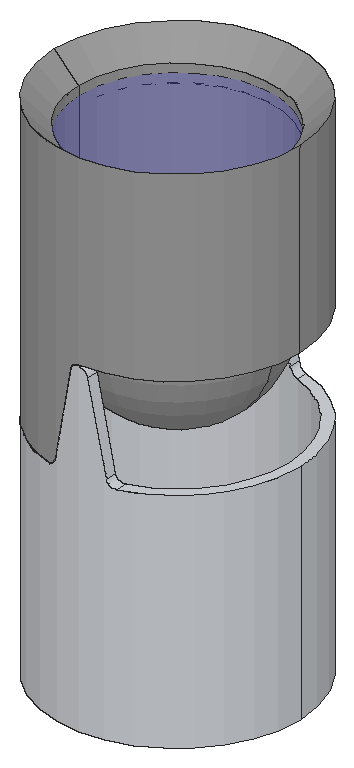
Revit family "Alcon-LITON13101-Medium_Revit-Family", category Generic Models, host Face, Revit 2025
Family settings
  Host = Face
  Can host rebar = No
  Round Connector Dimension = Use Diameter
  Part Type = Normal
  Cut with Voids When Loaded = No
  Maintain Annotation Orientation = No
  Shared = No
  Room Calculation Point = No
Parameters
  URL = "https://www.alconlighting.com/?srsltid=AfmBOooDPhGQ0dEP-X2PMtxFfvvWpIAEL4jCll_O2F4_to5onvhnBomy"
  Product Page URL = "https://www.alconlighting.com/catalogsearch/result/?q=13101"
  Model = "13101"
  Manufacturer = "ALCON Lighting"
  Fixture Rotation = 90.00°
  Default Elevation = 4' - 0"
Reference planes (in)
  plane 1 "Center (Front/Back)": y = 0
  plane 2: z = 0
  plane 3 "Center (Left/Right)": x = 0
  plane 4: z = 4.93778
Forms (in)
  Revolve 1, solid
    sketch origin (0, 0, 0) x (1, 0, 0) y (0, 0, 1)
      loop
        line (-1.7185, 5.08815) -> (-1.7185, 0.5) -> (-1.5685, 0.5) -> (-1.5685, 5.08815) -> (-1.7185, 5.08815)
      axis (0, 5.08815) -> (0, 0.5)
    angle from 0 to 360
  Extrusion 2, solid
    sketch origin (0, 0, 0.5) x (0, 1, 0) y (1, 0, 0)
      loop
        circle (0, 0) r 1.10452
    from 0 to -1.625
  Extrusion 3, solid
    sketch origin (0, 0, 0.5) x (0, 1, 0) y (1, 0, 0)
      loop
        arc (-0.375, -0.3125) -> (-0.35669, -0.35669) -> (-0.3125, -0.375) r 0.0625
        line (-0.3125, -0.375) -> (0.3125, -0.375)
        arc (0.3125, -0.375) -> (0.35669, -0.35669) -> (0.375, -0.3125) r 0.0625
        line (0.375, -0.3125) -> (0.375, 0.3125)
        arc (0.375, 0.3125) -> (0.35669, 0.35669) -> (0.3125, 0.375) r 0.0625
        line (0.3125, 0.375) -> (-0.3125, 0.375)
        arc (-0.3125, 0.375) -> (-0.35669, 0.35669) -> (-0.375, 0.3125) r 0.0625
        line (-0.375, 0.3125) -> (-0.375, -0.3125)
    from 0 to 0.5
  Extrusion 4, void
    sketch origin (-0.00185, 0, 1.38635) x (1, 0, 0) y (0, 0, 1)
      loop
        line (-1.90223, 2.28123) -> (-0.47716, 2.28123)
        arc (-0.47716, 2.28123) -> (-0.39756, 2.30985) -> (-0.35441, 2.38261) r 0.125
        line (-0.35441, 2.38261) -> (-0.12275, 3.58613)
        arc (-0.12275, 3.58613) -> (-0.0796, 3.65888) -> (0, 3.6875) r 0.125
        arc (0, 3.6875) -> (0.0796, 3.65888) -> (0.12275, 3.58613) r 0.125
        line (0.12275, 3.58613) -> (0.35441, 2.38261)
        arc (0.35441, 2.38261) -> (0.39756, 2.30985) -> (0.47716, 2.28123) r 0.125
        line (0.47716, 2.28123) -> (1.91031, 2.28123) -> (1.91031, 4.33493) -> (-1.90223, 4.33493) -> (-1.90223, 2.28123)
    from -2.08037 to 1.98873
Cuts and joins
  Extrusion 4 cuts Revolve 1
Dimensions and locks (in)
  "Fixture Rotation": angle nested 1 to plane 4
  aligned and locked: plane 2 to host face
  aligned and locked: level to host face
Automatic sketch dimensions
  host sketch curve to host sketch curve = 8' - 0"  (x2)
  Revolve 1 sketch curve to plane 3 "Center (Left/Right)" = 0' - 0"
  level to Revolve 1 sketch curve = 0' - 0 1/2"
  Revolve 1 sketch curve to plane 3 "Center (Left/Right)" = 0' - 1.5685"
  Revolve 1 sketch curve to Revolve 1 sketch curve = 0' - 0.15"
  plane 4 to Revolve 1 sketch curve = 0' - 0.15038"
  Revolve 1 sketch curve to level = 2' - 0"
  Revolve 1 sketch curve to Revolve 1 sketch curve = 8' - 1.50416"
  Extrusion 3 sketch curve to Revolve 1 = 0' - 0 3/8"
  Extrusion 3 sketch curve to Extrusion 3 sketch curve = 0' - 0 1/16"  (x3)
  Revolve 1 to Extrusion 3 sketch curve = 0' - 0 5/16"  (x2)
  Extrusion 3 sketch curve to Extrusion 3 sketch curve = 0' - 0 5/8"
  Extrusion 4 sketch curve to Extrusion 4 sketch curve = 0' - 0"  (x3)
  Extrusion 4 sketch curve to plane 3 "Center (Left/Right)" = 0' - 1.90408"
  Extrusion 4 sketch curve to plane 3 "Center (Left/Right)" = 0' - 0.47901"
  Extrusion 4 sketch curve to Extrusion 4 sketch curve = 0' - 0.12275"  (x2)
  plane 4 to Extrusion 4 sketch curve = 0' - 0.03471"  (x2)
  Extrusion 4 sketch curve to plane 3 "Center (Left/Right)" = 0' - 0.1246"
  Extrusion 4 sketch curve to plane 3 "Center (Left/Right)" = 0' - 0.00185"
  plane 3 "Center (Left/Right)" to Extrusion 4 sketch curve = 0' - 0.35256"
  Extrusion 4 sketch curve to Extrusion 4 sketch curve = 0' - 1.43315"
  plane 4 to Extrusion 4 sketch curve = 0' - 0.01108"
  Extrusion 4 sketch curve to plane 4 = 0' - 1.14519"
  Extrusion 4 sketch curve to Extrusion 4 sketch curve = 0' - 0.02363"  (x2)
  plane 4 to Extrusion 4 sketch curve = 0' - 0.78351"
  radius of Extrusion 2 sketch curve to Revolve 1 = 0' - 0.46398"
Nested families (in)
  nested 1: "13101 Medium" at (-0.00183, 0, 3.93595) x (0, 0, -1) z (0, -1, 0), type "13101 Medium"
    with built-in parameter 1001306 0.39583 (stored number, unit not read)
Definition of nested family "13101 Medium"
  Parameters (values of type "13101 Medium")
    Wattage = 9.2903 W
    built-in parameter 1150110 = 1 (stored number, unit not read)
    built-in parameter 1114217 = 1 (stored number, unit not read)
    Tilt Angle = 60.00°
    built-in parameter 1150109 = 1 (stored number, unit not read)
    built-in parameter 1150134 = 3
    built-in parameter 1150113 = 1 (stored number, unit not read)
    built-in parameter 1010507 = 1.5708 (stored number, unit not read)
    built-in parameter 1010506 = 0.5236 (stored number, unit not read)
    built-in parameter 1150105 = 4614.1 (stored number, unit not read)
    Lumens = 1380 lm
    built-in parameter 1150115 = 1 (stored number, unit not read)
    Light Source Symbol Length = 10' - 0"
    built-in parameter 1150137 = (empty or 0)
    built-in parameter 1150139 = (empty or 0)
    Lens = none
    built-in parameter 1001306 [instance] = 4' - 0"
    built-in parameter 1150112 = 1 (stored number, unit not read)
    built-in parameter 1150114 = 1 (stored number, unit not read)
    built-in parameter 1150132 = (empty or 0)
    built-in parameter 1150102 = (empty or 0)
    built-in parameter 1150107 = 3200 (stored number, unit not read)
    built-in parameter 1150138 = (empty or 0)
    built-in parameter 1150106 = 46.141 (stored number, unit not read)
    Housing = none
    built-in parameter 1150104 = 13.8 (stored number, unit not read)
    Dimming Lamp Color Temperature Shift = (empty or 0)
    Default Elevation = 0' - 0"
    Color Filter = 16777215
    built-in parameter 1114218 = 1 (stored number, unit not read)
    built-in parameter 1150133 = 10 (stored number, unit not read)
  Reference planes (in)
    plane 1 "Center (Front/Back)": y = 0
    plane 2: z = 0
    plane 3 "Left": x = 0
    plane 4 "Right": x = 48
  Forms (in)
    Revolve 1, solid, material <- "Housing"
      sketch origin (-2.5625, 0, 0) x (1, 0, 0) y (0, 1, 0)
        loop
          line (-1.18722, 1.71875) -> (-0.84722, 1.37875) -> (2.8125, 1.37875) -> (2.8125, 1.71875) -> (-1.18722, 1.71875)
        axis (2.8125, 0) -> (-1.18722, 0)
      angle from 0 to 360
    Extrusion 2, solid, material <- "Lens"
      sketch origin (0.25, 0, 0) x (0, 0, -1) y (0, 1, 0)
        loop
          circle (0, 0) r 1.37875
      from -3.53927 to -3.40469
    Extrusion 3, void
      sketch origin (0.25, 0, 0) x (0, 0, 1) y (0, 1, 0)
        loop
          arc (1.71875, 0) -> (0, 1.71875) -> (-1.71875, 0) r 1.71875
          line (-1.71875, 0) -> (-1.57031, 0)
          arc (-1.57031, 0) -> (0, -1.57031) -> (1.57031, 0) r 1.57031
          line (1.57031, 0) -> (1.71875, 0)
      from 0 to 1.40625
    Revolve 4, solid, material <- "Housing"
      sketch origin (-2.5625, 0, 0) x (1, 0, 0) y (0, 1, 0)
        loop
          arc (2.77339, 0) -> (2.37296, 0.96671) -> (1.40625, 1.36714) r 1.36714
          line (1.40625, 1.36714) -> (1.40625, 0) -> (2.77339, 0)
        axis (2.77339, 0) -> (1.40625, 0)
      angle from 0 to 360
    Extrusion 5, void
      sketch origin (-2.5625, 0, 0) x (1, 0, 0) y (0, 1, 0)
        loop
          line (3.95869, 1.75) -> (1.40625, 1.75) -> (1.40625, 0)
          arc (1.40625, 0) -> (1.43487, -0.0796) -> (1.50762, -0.12275) r 0.125
          line (1.50762, -0.12275) -> (2.71113, -0.35441)
          arc (2.71113, -0.35441) -> (2.78388, -0.39756) -> (2.8125, -0.47716) r 0.125
          line (2.8125, -0.47716) -> (3.95869, -0.47716) -> (3.95869, 1.75)
      from -5.6688 to 12
  Cuts and joins
    Extrusion 3, Extrusion 5 cuts Revolve 1
  Lines and regions (in)
    reference lines
      curve 1: line (0, 0, 0) -> (48, 0, 0)
    model lines
      curve 2: line (1.53276, 0, 0) -> (2.51997, 0, 0)
      curve 3: line (0, 0, 0) -> (-9.5, 0, 0)
  Dimensions and locks (in)
    "built-in parameter 1001306": plane 3 "Left" to plane 4 "Right"
    aligned and locked: plane 4 "Right" to curve 1
    aligned and locked: plane 1 "Center (Front/Back)" to curve 1
    aligned and locked: plane 3 "Left" to curve 1
    aligned and locked: level to plane 2
  Automatic sketch dimensions
    Extrusion 3 sketch curve to Extrusion 3 sketch curve = 0' - 0"
    Extrusion 3 sketch curve to Extrusion 3 sketch curve = 0' - 0 19/128"
    Revolve 1 sketch curve to plane 1 "Center (Front/Back)" = 0' - 0"
    Revolve 1 sketch curve to plane 1 "Center (Front/Back)" = 0' - 1 23/32"
    Revolve 1 sketch curve to plane 3 "Left" = 0' - 3.74972"
    Revolve 1 sketch curve to Revolve 1 sketch curve = 0' - 0.34"  (x2)
    plane 3 "Left" to Revolve 1 sketch curve = 0' - 0 1/4"
    Revolve 1 sketch curve to Revolve 1 sketch curve = 4' - 10.81278"
    plane 4 "Right" to Revolve 1 sketch curve = 0' - 9 7/16"
    Revolve 4 sketch curve to plane 1 "Center (Front/Back)" = 0' - 0"
    plane 1 "Center (Front/Back)" to Revolve 4 sketch curve = 0' - 0"
    Revolve 4 sketch curve to plane 3 "Left" = 0' - 1 5/32"
    plane 3 "Left" to Revolve 4 sketch curve = 0' - 0.21089"
    Revolve 4 sketch curve to Revolve 4 sketch curve = 5' - 1 13/32"
    plane 4 "Right" to Revolve 4 sketch curve = 0' - 9 7/16"
    plane 1 "Center (Front/Back)" to Extrusion 5 sketch curve = 0' - 0"
    Extrusion 5 sketch curve to plane 3 "Left" = 0' - 1 5/32"
    plane 1 "Center (Front/Back)" to Extrusion 5 sketch curve = 0' - 0.12275"
    Extrusion 5 sketch curve to Extrusion 5 sketch curve = 0' - 0.10137"
    plane 3 "Left" to Extrusion 5 sketch curve = 0' - 0 1/8"
    Extrusion 5 sketch curve to Extrusion 5 sketch curve = 0' - 0.02363"
    Extrusion 5 sketch curve to Extrusion 5 sketch curve = 0' - 0 1/8"
    plane 3 "Left" to Extrusion 5 sketch curve = 0' - 1.39619"
    plane 1 "Center (Front/Back)" to Extrusion 5 sketch curve = 0' - 0.35441"
    Extrusion 5 sketch curve to plane 1 "Center (Front/Back)" = 0' - 1 3/4"
    plane 1 "Center (Front/Back)" to curve 3 = 0' - 0"
    curve 3 to plane 3 "Left" = 0' - 0"
    plane 1 "Center (Front/Back)" to curve 2 = 0' - 0"
    curve 3 to plane 3 "Left" = 0' - 9 1/2"
    curve 3 to curve 2 = 0' - 1.53276"
    curve 2 to curve 2 = 0' - 0.98721"
    radius of Extrusion 2 sketch curve to Revolve 1 = 0' - 0"
    radius of Extrusion 3 sketch curve to Revolve 1 = 0' - 0"
